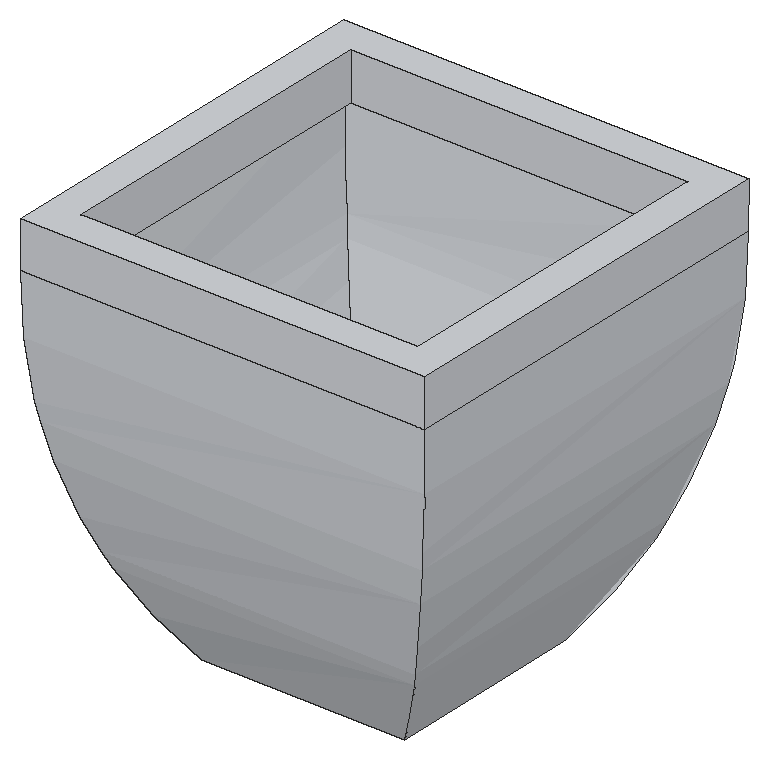
Revit family "Specialty_Equipment-Planter-Planters_Unlimited-Modern-Rocca Tapered square-rev", category Specialty Equipment, Revit 2023
Family settings
  Round Connector Dimension = Use Diameter
  Part Type = Normal
  OmniClass Number = 23.40.05.21.17
  OmniClass Title = Planters
  Work Plane-Based = No
  Enable Cutting in Views = No
  Always vertical = Yes
  Cut with Voids When Loaded = No
  Maintain Annotation Orientation = No
  Shared = No
  Room Calculation Point = No
Parameters (values of type "default load type catalog")
  CD_Diameter Bottom = CD_Diameter Top / 4 * 2  # 305 mm
  CD_Diameter Top = 610 mm
  URL = "https://www.plantersunlimited.com"
  Type Comments = "Rocca Fiberglass Tapered Square Planter"
  Model = "Modern Series Planters"  # constant formula
  Manufacturer = "Planters Unlimited"  # constant formula
  Description = "Modular Planting Bed"  # constant formula
  Default Elevation = 0 mm
  CD_Specification = "https://www.plantersunlimited.com/content/Planters/F1-ROC-TS.pdf"
  CD_Product Page URL = "https://www.plantersunlimited.com/roccca-square-planter/"
  CD_Product Name [instance] = "ROCCA TAPERED SQUARE PLANTER"  # constant formula
  CD_Offset = 3 mm
  CD_Microsite = ""
  CD_Height = 610 mm
  CD_Finish = Fiberglass
  CD_Created By = "CADdetails LTD. 2025"  # constant formula
  Assembly Code = "G2050600"
Reference planes
  plane 1 "Center (Front/Back)": y = 0
  plane 2: z = 11.441
  plane 3 "Center (Left/Right)": x = 0
  plane 4 "Left": x = 305
  plane 5 "Right": x = -305
  plane 6 "Top": z = 624.441
  plane 7 "Bottom of Bin": z = 11.441
  plane 8 "Bottom of Planter": z = 14.441
  plane 9 "Bottom of Bed": z = 27.141
  plane 10: z = 553.441
  plane 11: x = -152.5
  plane 12: x = 152.5
  plane 13: y = 152.5
  plane 14: y = -152.5
  plane 15: y = -305
  plane 16: y = 305
  plane 17: z = 319.441
  plane 18: z = 227.141
Forms (mm)
  Extrusion 1, solid
    sketch origin (0, 0, 27.141) x (-1, 0, 0) y (0, -1, 0)
      loop
        line (152.5, 152.5) -> (-152.5, 152.5) -> (-152.5, -152.5) -> (152.5, -152.5) -> (152.5, 152.5)
    from 0 to -12.7
  Extrusion 2, solid, material "Fiberglass" <- "CD_Finish", detail levels fine
    sketch origin (-1138.309, -4572, 14.441) x (-1, 0, 0) y (0, -1, 0)
      loop
        line (-1265.809, -4699.5) -> (-1189.609, -4699.5) -> (-1189.609, -4623.3) -> (-1265.809, -4623.3) -> (-1265.809, -4699.5)
      loop
        line (-1265.809, -4444.5) -> (-1265.809, -4520.7) -> (-1189.609, -4520.7) -> (-1189.609, -4444.5) -> (-1265.809, -4444.5)
      loop
        line (-1010.809, -4444.5) -> (-1087.009, -4444.5) -> (-1087.009, -4520.7) -> (-1010.809, -4520.7) -> (-1010.809, -4444.5)
      loop
        line (-1010.809, -4699.5) -> (-1010.809, -4623.3) -> (-1087.009, -4623.3) -> (-1087.009, -4699.5) -> (-1010.809, -4699.5)
    from 0 to -3
  Sweep 3, solid
    path origin (-1138.309, -4572, 14.441) x (-1, 0, 0) y (0, -1, 0)
      loop
        line (-833.309, -4877) -> (-833.309, -4267) -> (-1443.309, -4267) -> (-1443.309, -4877) -> (-833.309, -4877)
    profile origin (305, 0, 14.441) x (-1, 0, 0) y (0, 0, 1)
      loop
        spline (0, 539) -> (1.059, 485.406) -> (4.236, 433.389) -> (9.531, 382.95) -> (16.944, 334.089) -> (26.476, 286.806) -> (38.125, 241.1) -> (51.892, 196.972) -> (67.778, 154.422) -> (85.781, 113.45) -> (105.903, 74.056) -> (128.142, 36.239) -> (152.5, 0)
        line (152.5, 0) -> (160.627, 0) -> (160.627, 5.827)
        spline (160.627, 5.827) -> (136.606, 41.564) -> (114.669, 78.865) -> (94.816, 117.736) -> (77.044, 158.182) -> (61.354, 200.21) -> (47.747, 243.823) -> (36.226, 289.027) -> (26.793, 335.825) -> (19.451, 384.22) -> (14.202, 434.213) -> (11.051, 485.807) -> (10, 539)
        line (10, 539) -> (0, 539)
  Sweep 4, solid
    path origin (0, 0, 624.441) x (-1, 0, 0) y (0, -1, 0)
      loop
        line (305, -305) -> (305, 305) -> (-305, 305) -> (-305, -305) -> (305, -305)
    profile origin (305, 0, 624.441) x (-1, 0, 0) y (0, 0, 1)
      loop
        line (0, 0) -> (0, -71) -> (51, -71) -> (51, 0) -> (0, 0)
Cuts and joins
  joined: Extrusion 1, Sweep 3, Sweep 4
Dimensions and locks
  locked: plane 7 "Bottom of Bin" to level
  "CD_Height": plane 6 "Top" to plane 8 "Bottom of Planter"
  locked: plane 9 "Bottom of Bed" to plane 8 "Bottom of Planter" at 12.7
  plane 8 "Bottom of Planter" to level = 3 mm
  plane 6 "Top" to level = 613 mm
  locked: plane 10 to plane 6 "Top" at 71
  equal spacing: plane 5 "Right", plane 3 "Center (Left/Right)", plane 4 "Left"
  "CD_Diameter Top": plane 5 "Right" to plane 4 "Left"
  equal spacing: plane 11, plane 3 "Center (Left/Right)", plane 12
  "CD_Diameter Bottom": plane 11 to plane 12
  equal spacing: plane 13, plane 1 "Center (Front/Back)", plane 14
  equal spacing: plane 16, plane 1 "Center (Front/Back)", plane 15
  "CD_Diameter Top": plane 16 to plane 15
  "CD_Diameter Bottom": plane 13 to plane 14
  level to plane 8 "Bottom of Planter" = 3 mm
  plane 13 to Extrusion 2 sketch curve to Extrusion 2 sketch curve = 25 mm locked, 76.2 mm locked  (x2)
  Extrusion 2 sketch curve to Extrusion 2 sketch curve to plane 12 = 76.2 mm locked, 25 mm locked  (x2)
  Extrusion 2 sketch curve to Extrusion 2 sketch curve to plane 14 = 76.2 mm locked, 25 mm locked  (x2)
  plane 11 to Extrusion 2 sketch curve to Extrusion 2 sketch curve = 25 mm locked, 76.2 mm locked  (x2)
  equal spacing: plane 8 "Bottom of Planter", plane 17, plane 6 "Top"
  locked: plane 12 to Sweep 3 sketch curve at 8.127
  locked: Sweep 3 to Sweep 4 sketch curve at 71
  locked: Sweep 4 sketch curve to plane 4 "Left" at 51
  aligned and locked: plane 2 to level
  aligned and locked: Extrusion 1 to plane 8 "Bottom of Planter"
  aligned and locked: Extrusion 2 to level
  aligned and locked: Sweep 3 sketch curve to plane 16
  aligned and locked: Sweep 3 sketch curve to plane 4 "Left"
  aligned and locked: Sweep 3 sketch curve to plane 15
  aligned and locked: Sweep 3 sketch curve to plane 5 "Right"
  aligned and locked: plane 8 "Bottom of Planter" to Sweep 3 sketch curve
  aligned and locked: plane 10 to Sweep 3 sketch curve
  aligned and locked: plane 4 "Left" to Sweep 3 sketch curve
  aligned and locked: Sweep 4 sketch curve to plane 16
  aligned and locked: Sweep 4 sketch curve to plane 4 "Left"
  aligned and locked: Sweep 4 sketch curve to plane 5 "Right"
  aligned and locked: Sweep 4 sketch curve to plane 15
  aligned and locked: Sweep 4 sketch curve to profile plane
  aligned and locked: Extrusion 1 to plane 9 "Bottom of Bed"
  aligned and locked: Extrusion 1 sketch curve to cut or joined group of Extrusion 1, Sweep 3, Sweep 4  (x4)
Automatic sketch dimensions
  Sweep 3 sketch curve to Sweep 3 sketch curve = 10 mm
  plane 8 "Bottom of Planter" to Sweep 3 sketch curve = 5.827 mm
  Sweep 3 sketch curve to Sweep 3 sketch curve = 8.127 mm
  Sweep 4 sketch curve to Sweep 4 sketch curve = 71 mm
